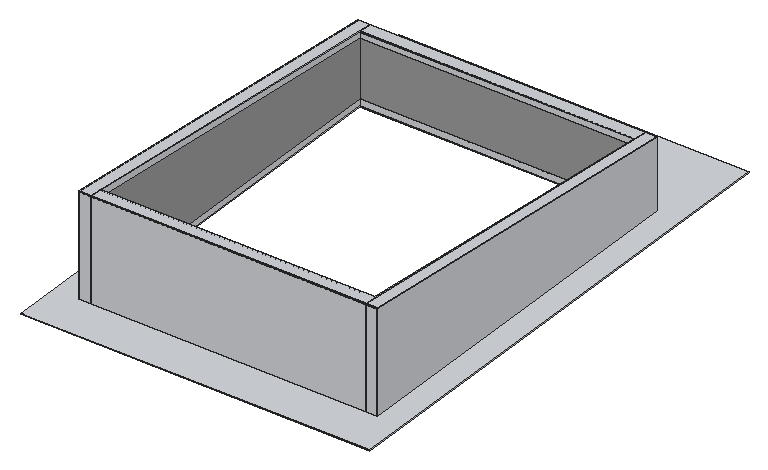
Revit family "UMB-2", category Mechanical Equipment, Revit 2015
Parameters
  URL = "https://unitedenertech.com/catalog/pdf/M_22%20UMB-2.pdf"
  Type Comments = "Consult Factory for Max. Sizes"
  Roof Slope (Degrees) = 5.00°
  Model = "UMB-2"
  Manufacturer = "United Enertech Corporation"
  Keynote = "Curb Ships with Loose Rib Closures"
  Height = 0' - 8"
  Description = "Metal Building Roof Curb"
  B Side O.D. = 3' - 6"
  A Side O.D. = 3' - 0"
Reference planes (in)
  plane 1 "Center (Front/Back)": y = 0
  plane 2: z = 0
  plane 3 "Center (Left/Right)": x = 0
  plane 4: y = -21
  plane 5: y = -42
  plane 6: y = -40.5
  plane 7: y = -1.5
  plane 8: y = -0.0478
  plane 9: y = -1.4522
  plane 10: y = -41.9522
  plane 11: y = -40.5478
  plane 12: y = -47
  plane 13: y = 5
  plane 14: y = 10
  plane 15: x = -18
  plane 16: x = 18
  plane 17: x = -16.5
  plane 18: x = 16.5
  plane 19: x = -17.9522
  plane 20: x = -16.5478
  plane 21: x = 17.9522
  plane 22: x = 16.5478
  plane 23: x = -21
  plane 24: x = 21
  plane 25: z = 8
  plane 26: z = 4
  plane 27: z = 0.0478
  plane 28: z = 0.7978
  plane 29: z = 7.9522
  plane 30: z = 7.2022
Forms (in)
  Extrusion 1, solid
    sketch origin (0, 0, 0) x (0, 1, 0) y (0, 0, 1)
      loop
        line (10, 0.87489) -> (10, 0.92269) -> (-47, -4.06417) -> (-47, -4.11197) -> (10, 0.87489)
    from -21 to 21
  Extrusion 2, void
    sketch origin (0, 0, 0) x (1, 0, 0) y (0, 1, 0)
      loop
        line (-16.5, -40.5) -> (16.5, -40.5) -> (16.5, -1.5) -> (-16.5, -1.5) -> (-16.5, -40.5)
    from -4301.0808 to 6540.31748
  Extrusion 3, solid
    sketch origin (0, 0, 0) x (1, 0, 0) y (0, 1, 0)
      loop
        line (-18, -42) -> (18, -42) -> (18, 0) -> (-18, 0) -> (-18, -42)
      loop
        line (-16.5, -40.5) -> (16.5, -40.5) -> (16.5, -1.5) -> (-16.5, -1.5) -> (-16.5, -40.5)
    from 7.9522 to 8
  Extrusion 4, solid
    sketch origin (0, 0, 0) x (1, 0, 0) y (0, 1, 0)
      loop
        line (-16.5478, -40.5478) -> (16.5478, -40.5478) -> (16.5478, -1.4522) -> (-16.5478, -1.4522) -> (-16.5478, -40.5478)
      loop
        line (-16.5, -40.5) -> (16.5, -40.5) -> (16.5, -1.5) -> (-16.5, -1.5) -> (-16.5, -40.5)
    from 7.2022 to 7.9522
  Extrusion 5, solid
    sketch origin (0, 0, 0) x (0, 1, 0) y (0, 0, 1)
      loop
        line (-1.4522, -0.07925) -> (-1.4522, 0.67075) -> (-1.5, 0.66657) -> (-1.5, -0.08343) -> (-1.4522, -0.07925)
    from -16.5 to 16.5
  Extrusion 6, solid
    sketch origin (0, 0, 0) x (0, 1, 0) y (0, 0, 1)
      loop
        line (-40.5, -2.74549) -> (-40.5478, -2.74967) -> (-40.5478, -3.49967) -> (-40.5, -3.49549) -> (-40.5, -2.74549)
    from -16.5 to 16.5
  Extrusion 7, solid
    sketch origin (0, 0, 0) x (0, 1, 0) y (0, 0, 1)
      loop
        line (-1.4522, 0.67075) -> (-40.5478, -2.74967) -> (-40.5478, -3.49967) -> (-1.4522, -0.07925) -> (-1.4522, 0.67075)
    from -16.5478 to -16.5
  Extrusion 8, solid
    sketch origin (0, 0, 0) x (0, 1, 0) y (0, 0, 1)
      loop
        line (-1.4522, 0.67075) -> (-40.5478, -2.74967) -> (-40.5478, -3.49967) -> (-1.4522, -0.07925) -> (-1.4522, 0.67075)
    from 16.5478 to 16.5
  Extrusion 9, solid
    sketch origin (0, 0, 0) x (0, 1, 0) y (0, 0, 1)
      loop
        line (0, 0.0478) -> (0, 7.9522) -> (-0.0478, 7.9522) -> (-0.0478, 0.04362) -> (0, 0.0478)
    from -17.9522 to 17.9522
  Extrusion 10, solid
    sketch origin (0, 0, 0) x (0, 1, 0) y (0, 0, 1)
      loop
        line (-41.9522, 7.9522) -> (-42, 7.9522) -> (-42, -3.62672) -> (-41.9522, -3.62254) -> (-41.9522, 7.9522)
    from -17.9522 to 17.9522
  Extrusion 11, solid, material "Rigid insulation"
    sketch origin (0, 0, 0) x (0, 1, 0) y (0, 0, 1)
      loop
        line (-0.0478, 7.9522) -> (-1.4522, 7.9522) -> (-1.4522, -0.07925) -> (-0.0478, 0.04362) -> (-0.0478, 7.9522)
    from -16.5478 to 16.5478
  Extrusion 12, solid, material "Rigid insulation"
    sketch origin (0, 0, 0) x (0, 1, 0) y (0, 0, 1)
      loop
        line (-40.5478, -3.49967) -> (-40.5478, 7.9522) -> (-41.9522, 7.9522) -> (-41.9522, -3.62254) -> (-40.5478, -3.49967)
    from -16.5478 to 16.5478
  Extrusion 13, solid
    sketch origin (0, 0, 0) x (0, 1, 0) y (0, 0, 1)
      loop
        line (0, 7.9522) -> (-42, 7.9522) -> (-42, -3.62672) -> (0, 0.0478) -> (0, 7.9522)
    from 18 to 17.9522
  Extrusion 14, solid, material "Rigid insulation"
    sketch origin (0, 0, 0) x (0, 1, 0) y (0, 0, 1)
      loop
        line (-0.0478, 7.9522) -> (-41.9522, 7.9522) -> (-41.9522, -3.62254) -> (-0.0478, 0.04362) -> (-0.0478, 7.9522)
    from 17.9522 to 16.5478
  Extrusion 15, solid, material "Rigid insulation"
    sketch origin (0, 0, 0) x (0, 1, 0) y (0, 0, 1)
      loop
        line (-0.0478, 0.04362) -> (-0.0478, 7.9522) -> (-41.9522, 7.9522) -> (-41.9522, -3.62254) -> (-0.0478, 0.04362)
    from -17.9522 to -16.5478
  Extrusion 16, solid
    sketch origin (0, 0, 0) x (0, 1, 0) y (0, 0, 1)
      loop
        line (0, 7.9522) -> (-42, 7.9522) -> (-42, -3.62672) -> (0, 0.0478) -> (0, 7.9522)
    from -18 to -17.9522
  Blend 17, solid
    base sketch origin (0, 0, 0) x (1, 0, 0) y (0, 1, 0)
      loop
        line (-18, 0) -> (18, 0) -> (0, 5) -> (-18, 0)
    top sketch origin (0, 0, 0) x (1, 0, 0) y (0, 1, 0)
      loop
        line (0, 0) -> (0.125, 0) -> (0, 0.03349) -> (-0.125, 0) -> (0, 0)
    from 0 to 4
  Extrusion 18, void
    sketch origin (0, 0, 0) x (0, 1, 0) y (0, 0, 1)
      loop
        line (10, 0.92269) -> (-1.4522, -0.07925) -> (-1.4522, -21.52503) -> (10, -21.52503) -> (10, 0.92269)
    from -21 to 21
Cuts and joins
  Extrusion 2 cuts Extrusion 1
  Extrusion 18 cuts Blend 17
Lines and regions (in)
  reference lines
    curve 1: line (0, 0, 0) -> (0, -128.50912, -11.24309)
    curve 2: line (0, 0, 0.0478) -> (0, -117.55097, -10.23658)
    curve 3: line (0, 0, 0.7978) -> (0, -116.80383, -9.42121)
Dimensions and locks (in)
  equal spacing: plane 1 "Center (Front/Back)", plane 4, plane 5
  "B Side O.D.": plane 1 "Center (Front/Back)" to plane 5
  locked: plane 1 "Center (Front/Back)" to plane 7 at 1.5
  locked: plane 5 to plane 6 at 1.5
  locked: plane 1 "Center (Front/Back)" to plane 8 at 0.0478
  locked: plane 9 to plane 7 at 0.0478
  locked: plane 6 to plane 11 at 0.0478
  locked: plane 10 to plane 5 at 0.0478
  locked: plane 5 to plane 12 at 5
  locked: plane 1 "Center (Front/Back)" to plane 13 at 5
  locked: plane 1 "Center (Front/Back)" to plane 14 at 10
  equal spacing: plane 15, plane 3 "Center (Left/Right)", plane 16
  "A Side O.D.": plane 15 to plane 16
  locked: plane 15 to plane 17 at 1.5
  locked: plane 18 to plane 16 at 1.5
  locked: plane 15 to plane 19 at 0.0478
  locked: plane 20 to plane 17 at 0.0478
  locked: plane 18 to plane 22 at 0.0478
  locked: plane 21 to plane 16 at 0.0478
  locked: plane 23 to plane 15 at 3
  locked: plane 16 to plane 24 at 3
  locked: plane 26 to level at 4
  "Height": plane 25 to level
  locked: plane 27 to level at 0.0478
  locked: plane 28 to plane 27 at 0.75
  locked: plane 25 to plane 29 at 0.0478
  locked: plane 29 to plane 30 at 0.75
  "Roof Slope (Degrees)": angle curve 1 to level
  "Roof Slope (Degrees)": angle curve 2 to plane 27
  "Roof Slope (Degrees)": angle curve 3 to plane 28
  aligned and locked: level to plane 2
  aligned and locked: plane 1 "Center (Front/Back)" to curve 1
  aligned and locked: level to curve 1
  aligned and locked: plane 1 "Center (Front/Back)" to curve 2
  aligned and locked: plane 1 "Center (Front/Back)" to curve 3
  aligned and locked: plane 28 to curve 3
  aligned and locked: plane 27 to curve 2
  aligned and locked: Extrusion 1 sketch curve to plane 14
  aligned and locked: Extrusion 1 sketch curve to plane 12
  aligned and locked: Extrusion 1 sketch curve to curve 1
  aligned and locked: Extrusion 1 sketch curve to curve 2
  aligned and locked: Extrusion 1 to plane 23
  aligned and locked: Extrusion 1 to plane 24
  aligned and locked: Extrusion 2 sketch curve to plane 17
  aligned and locked: plane 7 to Extrusion 2 sketch curve
  aligned and locked: Extrusion 2 sketch curve to plane 18
  aligned and locked: plane 6 to Extrusion 2 sketch curve
  aligned and locked: Extrusion 3 sketch curve to plane 15
  aligned and locked: Extrusion 3 sketch curve to plane 1 "Center (Front/Back)"
  aligned and locked: Extrusion 3 sketch curve to plane 16
  aligned and locked: Extrusion 3 sketch curve to plane 5
  aligned and locked: plane 6 to Extrusion 3 sketch curve
  aligned and locked: Extrusion 3 sketch curve to plane 17
  aligned and locked: Extrusion 3 sketch curve to plane 18
  aligned and locked: plane 7 to Extrusion 3 sketch curve
  aligned and locked: plane 25 to Extrusion 3
  aligned and locked: Extrusion 3 to plane 29
  aligned and locked: plane 20 to Extrusion 4 sketch curve
  aligned and locked: Extrusion 4 sketch curve to plane 9
  aligned and locked: plane 22 to Extrusion 4 sketch curve
  aligned and locked: Extrusion 4 sketch curve to plane 11
  aligned and locked: plane 6 to Extrusion 4 sketch curve
  aligned and locked: Extrusion 4 sketch curve to plane 18
  aligned and locked: Extrusion 4 sketch curve to plane 17
  aligned and locked: plane 7 to Extrusion 4 sketch curve
  aligned and locked: plane 29 to Extrusion 4
  aligned and locked: Extrusion 4 to plane 30
  aligned and locked: curve 3 to Extrusion 5 sketch curve
  aligned and locked: cut or joined group of Extrusion 1, Extrusion 2 to Extrusion 5 sketch curve
  aligned and locked: plane 9 to Extrusion 5 sketch curve
  aligned and locked: plane 7 to Extrusion 5 sketch curve
  aligned and locked: Extrusion 5 to plane 17
  aligned and locked: Extrusion 5 to plane 18
  aligned and locked: curve 3 to Extrusion 6 sketch curve
  aligned and locked: cut or joined group of Extrusion 1, Extrusion 2 to Extrusion 6 sketch curve
  aligned and locked: plane 11 to Extrusion 6 sketch curve
  aligned and locked: plane 6 to Extrusion 6 sketch curve
  aligned and locked: Extrusion 6 to plane 18
  aligned and locked: Extrusion 6 to plane 17
  aligned and locked: Extrusion 7 sketch curve to plane 9
  aligned and locked: Extrusion 7 sketch curve to curve 3
  aligned and locked: Extrusion 7 sketch curve to cut or joined group of Extrusion 1, Extrusion 2
  aligned and locked: plane 20 to Extrusion 7
  aligned and locked: plane 17 to Extrusion 7
  aligned and locked: Extrusion 7 sketch curve to plane 11
  aligned and locked: Extrusion 8 sketch curve to plane 9
  aligned and locked: Extrusion 8 sketch curve to curve 3
  aligned and locked: curve 2 to Extrusion 8 sketch curve
  aligned and locked: Extrusion 8 sketch curve to plane 11
  aligned and locked: plane 22 to Extrusion 8
  aligned and locked: plane 18 to Extrusion 8
  aligned and locked: Extrusion 9 sketch curve to plane 29
  aligned and locked: plane 1 "Center (Front/Back)" to Extrusion 9 sketch curve
  aligned and locked: Extrusion 9 sketch curve to curve 2
  aligned and locked: plane 8 to Extrusion 9 sketch curve
  aligned and locked: Extrusion 9 to plane 19
  aligned and locked: Extrusion 9 to plane 21
  aligned and locked: plane 29 to Extrusion 10 sketch curve
  aligned and locked: Extrusion 10 sketch curve to plane 5
  aligned and locked: Extrusion 10 sketch curve to cut or joined group of Extrusion 1, Extrusion 2
  aligned and locked: Extrusion 10 sketch curve to plane 10
  aligned and locked: Extrusion 10 to plane 21
  aligned and locked: Extrusion 10 to plane 19
  aligned and locked: plane 29 to Extrusion 11 sketch curve
  aligned and locked: plane 8 to Extrusion 11 sketch curve
  aligned and locked: plane 9 to Extrusion 11 sketch curve
  aligned and locked: Extrusion 11 sketch curve to cut or joined group of Extrusion 1, Extrusion 2
  aligned and locked: plane 20 to Extrusion 11
  aligned and locked: plane 22 to Extrusion 11
  aligned and locked: Extrusion 12 sketch curve to plane 29
  aligned and locked: Extrusion 12 sketch curve to plane 10
  aligned and locked: Extrusion 12 sketch curve to plane 11
  aligned and locked: cut or joined group of Extrusion 1, Extrusion 2 to Extrusion 12 sketch curve
  aligned and locked: plane 20 to Extrusion 12
  aligned and locked: plane 22 to Extrusion 12
  aligned and locked: plane 29 to Extrusion 13 sketch curve
  aligned and locked: Extrusion 13 sketch curve to plane 1 "Center (Front/Back)"
  aligned and locked: Extrusion 13 sketch curve to plane 5
  aligned and locked: Extrusion 13 sketch curve to cut or joined group of Extrusion 1, Extrusion 2
  aligned and locked: Extrusion 13 to plane 16
  aligned and locked: plane 21 to Extrusion 13
  aligned and locked: plane 29 to Extrusion 14 sketch curve
  aligned and locked: plane 8 to Extrusion 14 sketch curve
  aligned and locked: plane 10 to Extrusion 14 sketch curve
  aligned and locked: Extrusion 14 sketch curve to cut or joined group of Extrusion 1, Extrusion 2
  aligned and locked: Extrusion 14 to plane 21
  aligned and locked: Extrusion 14 to plane 22
  aligned and locked: Extrusion 15 sketch curve to plane 29
  aligned and locked: Extrusion 15 sketch curve to plane 8
  aligned and locked: Extrusion 15 sketch curve to plane 10
  aligned and locked: cut or joined group of Extrusion 1, Extrusion 2 to Extrusion 15 sketch curve
  aligned and locked: Extrusion 15 to plane 19
  aligned and locked: Extrusion 15 to plane 20
  aligned and locked: plane 29 to Extrusion 16 sketch curve
  aligned and locked: Extrusion 16 sketch curve to plane 1 "Center (Front/Back)"
  aligned and locked: Extrusion 16 sketch curve to plane 5
  aligned and locked: Extrusion 16 sketch curve to cut or joined group of Extrusion 1, Extrusion 2
  aligned and locked: plane 19 to Extrusion 16
  aligned and locked: Extrusion 16 to plane 15
  aligned and locked: Blend 17 sketch curve to plane 1 "Center (Front/Back)"
  aligned and locked: plane 15 to Blend 17 sketch curve
  aligned and locked: plane 13 to Blend 17 sketch curve
  aligned and locked: plane 3 "Center (Left/Right)" to Blend 17 sketch curve
  aligned and locked: plane 16 to Blend 17 sketch curve
  aligned and locked: plane 26 to Blend 17
  aligned and locked: Blend 17 to level
  aligned and locked: Extrusion 18 to plane 23
  aligned and locked: Extrusion 18 to plane 24
  aligned and locked: cut or joined group of Extrusion 1, Extrusion 2 to Extrusion 18 sketch curve
Automatic sketch dimensions
  plane 1 "Center (Front/Back)" to Blend 17 sketch curve = 0' - 0"
  Blend 17 sketch curve to plane 3 "Center (Left/Right)" = 0' - 0"  (x2)
  Blend 17 sketch curve to Blend 17 sketch curve = 0' - 0 1/8"
  plane 3 "Center (Left/Right)" to Blend 17 sketch curve = 0' - 0 1/8"
  Blend 17 sketch curve to Blend 17 sketch curve = 0' - 0.03349"
  Extrusion 18 sketch curve to plane 9 = 0' - 0"
  Extrusion 18 sketch curve to plane 14 = 0' - 0"
  Extrusion 18 sketch curve to level = 1' - 9.52503"
